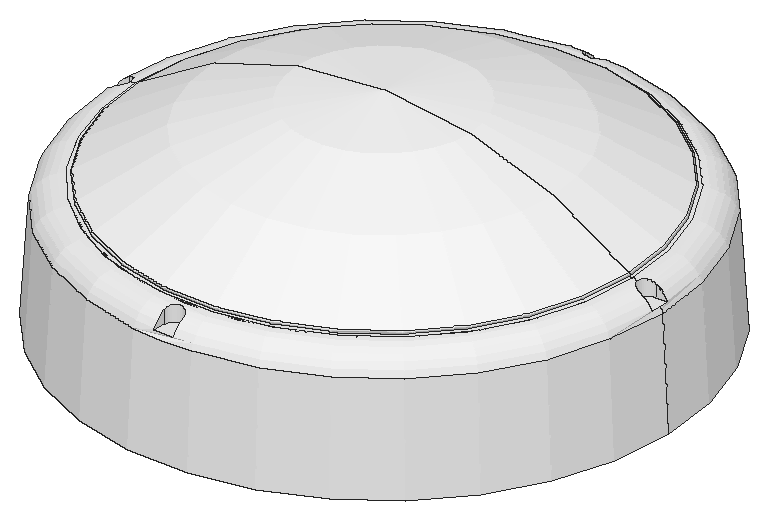
Revit family "4063837 Feilo Sylvania Lighting Fixtures STERLING BULKHEAD LED 4K SIL G2", category Lighting Fixtures, host Face, Revit 2017
Family settings
  Host = Face
  Round Connector Dimension = Use Diameter
  Part Type = Normal
  OmniClass Number = 23.80.70.00
  OmniClass Title = Lighting
  Cut with Voids When Loaded = No
  Light Source = Yes
  Shared = No
  Room Calculation Point = No
Parameters (values of type "4063837 STERLING BULKHEAD LED 4K SIL G2 High Efficiency ")
  Weight = "3.4 kg"
  Wattage Comments = "n/a"
  Wattage = 9 W
  WarrantyStartDate [instance] = "n/a"
  WarrantyGuarantorParts = "n/a"
  WarrantyDurationUnit = "n/a"
  WarrantyDurationParts = "n/a"
  WarrantyDescription = "n/a"
  built-in parameter 1150110 = 1 (stored number, unit not read)
  Voltage = 230 V
  URL = "http://www.sylvania-lighting.com"
  TypeName = "STERLING BULKHEAD LED 4K SIL G2"
  Type Image = <None>
  Type Comments = "n/a"
  built-in parameter 1114217 = 1 (stored number, unit not read)
  Tilt Angle = -90.00°
  built-in parameter 1150109 = 1 (stored number, unit not read)
  built-in parameter 1150134 = 12
  built-in parameter 1150113 = 1 (stored number, unit not read)
  SerialNumber [instance] = "n/a"
  ReflectorMaterial = none
  PowerFactor = 0.98
  PowerConsumption = "9 W"
  Photometric Web File = "4063837-HE.ies"
  NominalLength = 350 mm
  NominalHeight = 350 mm
  NominalDepth = 128 mm
  Name = "STERLING BULKHEAD LED 4K SIL G2"
  ModelReference = Name  # "STERLING BULKHEAD LED 4K SIL G2"
  ModelNumber = "4063837"
  Model = Name  # "STERLING BULKHEAD LED 4K SIL G2"
  Material = "polycarbonate diffuser"
  ManufacturerName = "Feilo Sylvania"
  Manufacturer = "Feilo Sylvania"
  LuminousEfficacy = "87 lm/W"
  built-in parameter 1150105 = 62.309 (stored number, unit not read)
  Lumens = 783 lm
  LuminaireType = ""
  built-in parameter 1150115 = 1 (stored number, unit not read)
  LightOutputRatio = "100"
  built-in parameter 1150137 = (empty or 0)
  built-in parameter 1150139 = (empty or 0)
  LampsType = Lamp  # "LED"
  LampNominalLuminous = "759 lm"
  LampMacAdamStep = "n/a"
  LampColourTemperature = "4000 K"
  LampColourRenderingIndex = "80"
  built-in parameter 1150112 = 1 (stored number, unit not read)
  built-in parameter 1150114 = 1 (stored number, unit not read)
  Lamp = "LED"
  Keynote = "16500"
  InstallationDate [instance] = "n/a"
  InputVoltage = "230-240V~"
  InputNominalFrequency = "50/60 Hz"
  built-in parameter 1150132 = (empty or 0)
  built-in parameter 1150102 = (empty or 0)
  built-in parameter 1150107 = 4000 (stored number, unit not read)
  built-in parameter 1150138 = (empty or 0)
  IngressProtection = "IP65"
  ImpactProtectionIndex = "IK10"
  built-in parameter 1150106 = 0.62309 (stored number, unit not read)
  IfcExportType = "IfcLightFixtureType"
  IfcExportAs = "IfcLightFixtureType"
  ExpectedLife = 50000
  Emit from Circle Diameter = 280 mm
  Emit Shape Visible in Rendering = no
  ElectricShockClassification = "Class I"
  built-in parameter 1150104 = 8.0826 (stored number, unit not read)
  DurationUnit = "hours"
  DocumentationLiterature = "http://www.sylvania-lighting.com/product/en-int/products/4063837"
  DimmingControlOptions = "n/a"
  Dimming Lamp Color Temperature Shift = <None>
  DiffuserMaterial = Diffuser-Sylvania-SterlingBulkhead-Opal
  Description = "Led exterior bulkhead, Unique feature allowing a choice between High Output or High Efficiency with the flick of a switch, die-cast aluminium body, 759/1477LM, 9/17W, 84/87LM/W, 4000K, Driver Current: 350/750mA, CRI80, Non dimmable, IP65, IK10, 50,000hrs (L70), (HxWxD) 350 x 350 x 128mm,  3.4kg, 3 step MacAdam ellipse,  RAL 9006, Class 1, 230V,  energy class: A++, A+, A"
  Default Elevation = 1219.2 mm
  CreatedOn = "22/11/2017"
  CreatedBy = ""
  Cost = 0
  Color Filter = 16777215
  built-in parameter 1114216 [instance] = (empty or 0)
  ClassificationValue = "EF_70_80"
  ClassificationName = "Uniclass2015"
  BodyMaterial = Body-Sylvania-SterlingBulkhead-Silver
  BarCode [instance] = "n/a"
  built-in parameter 1114218 = 1 (stored number, unit not read)
  built-in parameter 1150133 = 10 (stored number, unit not read)
  AssetType = "Fixed"
  AssetIdentifier [instance] = "n/a"
  Assembly Code = "D5020200"
  Apparent Load = 9 VA
  AccessoryMaterial = none
Types (2, lengths in mm): name | Wattage | PowerConsumption | Photometric Web File | built-in parameter 1150105 | Lumens | LampNominalLuminous | built-in parameter 1150106 | Apparent Load
  4063837 STERLING BULKHEAD LED 4K SIL G2 High Efficiency | 9 W | "9 W" | "4063837-HE.ies" | 62.309 (stored number, unit not read) | 783 lm | "759 lm" | 0.62309 (stored number, unit not read) | 9 VA
  4063837 STERLING BULKHEAD LED 4K SIL G2 High Output | 17 W | "17 W" | "4063837-HO.ies" | 117.7 (stored number, unit not read) | 1479 lm | "1477 lm" | 1.177 (stored number, unit not read) | 17 VA
Reference planes
  plane 1 "Center (Front/Back)": y = 0
  plane 2: z = 0
  plane 3 "Center (Left/Right)": x = 0
  plane 4: x = 175
  plane 5: x = -175
  plane 6: y = 175
  plane 7: y = -175
  plane 8: z = 128
  plane 9: z = 65
  plane 10: x = -153
  plane 11: x = 153
  plane 12: x = -171
  plane 13: x = 171
  plane 14: z = 78
  plane 15: x = -156
  plane 16: x = 156
  plane 17: y = -6
  plane 18: y = 6
  plane 19: z = 68
  plane 20: x = 6
  plane 21: x = -6
Forms (mm)
  Revolve 1, solid, material "Body-Sylvania-SterlingBulkhead-Silver" <- "BodyMaterial"
    sketch origin (0, 0, 0) x (1, 0, 0) y (0, 0, 1)
      loop
        line (0, 0) -> (0, 78) -> (-153, 78)
        arc (-153, 78) -> (-164.102, 74.41) -> (-171, 65) r 18.962
        line (-171, 65) -> (-175, 0) -> (0, 0)
      axis (0, 78) -> (0, 0)
    angle from 360 to 0
  Revolve 2, solid, material "Diffuser-Sylvania-SterlingBulkhead-Opal" <- "DiffuserMaterial"
    sketch origin (0, 0, 0) x (1, 0, 0) y (0, 0, 1)
      loop
        arc (0, 128) -> (-78.944, 115.68) -> (-150.381, 79.892) r 259.09
        arc (-150.381, 79.892) -> (-150.768, 78.725) -> (-149.775, 78) r 1.043
        line (-149.775, 78) -> (0, 78) -> (0, 128)
      axis (0, 128) -> (0, 78)
    angle from 360 to 0
  Extrusion 3, void
    sketch origin (1223.4, -4572, 78) x (-1, 0, 0) y (0, -1, 0)
      loop
        line (1398.4, -4578) -> (1398.4, -4566) -> (1385.424, -4566)
        arc (1385.424, -4566) -> (1379.424, -4572) -> (1385.424, -4578) r 6
        line (1385.424, -4578) -> (1398.4, -4578)
      loop
        line (1048.4, -4566) -> (1048.4, -4578) -> (1061.4, -4578)
        arc (1061.4, -4578) -> (1067.4, -4572) -> (1061.4, -4566) r 6
        line (1061.4, -4566) -> (1048.4, -4566)
      loop
        line (1229.4, -4747) -> (1229.4, -4734)
        arc (1229.4, -4734) -> (1223.4, -4728) -> (1217.4, -4734) r 6
        line (1217.4, -4734) -> (1217.4, -4747) -> (1229.4, -4747)
      loop
        line (1229.4, -4397) -> (1217.4, -4397) -> (1217.4, -4410)
        arc (1217.4, -4410) -> (1223.4, -4416) -> (1229.4, -4410) r 6
        line (1229.4, -4410) -> (1229.4, -4397)
    from 0 to -10
Cuts and joins
  Extrusion 3 cuts Revolve 1
Dimensions and locks
  equal spacing: plane 5, plane 3 "Center (Left/Right)", plane 4
  locked: plane 5 to plane 4 at 350
  equal spacing: plane 7, plane 1 "Center (Front/Back)", plane 6
  locked: plane 7 to plane 6 at 350
  locked: plane 8 to plane 2 at 128
  locked: plane 9 to plane 2 at 65
  equal spacing: plane 11, plane 3 "Center (Left/Right)", plane 10
  locked: plane 10 to plane 5 at 22
  equal spacing: plane 13, plane 3 "Center (Left/Right)", plane 12
  locked: plane 12 to plane 5 at 4
  locked: plane 14 to plane 9 at 13
  locked: plane 8 to Revolve 2 sketch curve at 259.09
  equal spacing: plane 15, plane 3 "Center (Left/Right)", plane 16
  locked: plane 15 to plane 10 at 3
  equal spacing: plane 17, plane 1 "Center (Front/Back)", plane 18
  locked: plane 17 to plane 1 "Center (Front/Back)" at 6
  locked: plane 5 to Extrusion 3 sketch curve at 18.976
  locked: Extrusion 3 sketch curve to plane 4 at 19
  plane 19 to plane 9 = 3 mm
  equal spacing: plane 21, plane 3 "Center (Left/Right)", plane 20
  locked: plane 21 to plane 3 "Center (Left/Right)" at 6
  locked: Extrusion 3 sketch curve to plane 6 at 19
  locked: plane 7 to Extrusion 3 sketch curve at 13
  aligned and locked: plane 2 to host face
  aligned and locked: level to host face
  aligned and locked: Revolve 1 sketch curve to plane 3 "Center (Left/Right)"  (x2)
  aligned and locked: level to Revolve 1 sketch curve
  aligned and locked: plane 9 to Revolve 1 sketch curve
  aligned and locked: plane 10 to Revolve 1 sketch curve  (x2)
  aligned and locked: plane 14 to Revolve 1 sketch curve
  aligned and locked: Revolve 2 sketch curve to plane 3 "Center (Left/Right)"
  aligned and locked: plane 14 to Revolve 2 sketch curve
  aligned and locked: plane 3 "Center (Left/Right)" to Revolve 2 sketch curve  (x2)
  aligned and locked: Extrusion 3 sketch curve to plane 5
  aligned and locked: plane 18 to Extrusion 3 sketch curve
  aligned and locked: plane 17 to Extrusion 3 sketch curve  (x2)
  aligned and locked: plane 1 "Center (Front/Back)" to Extrusion 3 sketch curve  (x2)
  aligned and locked: plane 4 to Extrusion 3 sketch curve
  aligned and locked: Extrusion 3 sketch curve to plane 18
  aligned and locked: Extrusion 3 to plane 14
  aligned and locked: plane 19 to Extrusion 3
  aligned and locked: plane 21 to Extrusion 3 sketch curve  (x2)
  aligned and locked: plane 6 to Extrusion 3 sketch curve
  aligned and locked: Extrusion 3 sketch curve to plane 20
  aligned and locked: plane 3 "Center (Left/Right)" to Extrusion 3 sketch curve  (x2)
  aligned and locked: plane 7 to Extrusion 3 sketch curve
  aligned and locked: plane 20 to Extrusion 3 sketch curve
  aligned and locked: plane 3 "Center (Left/Right)" to imposter light
  aligned and locked: imposter light to plane 8
  aligned and locked: imposter light to plane 1 "Center (Front/Back)"
Automatic sketch dimensions
  host sketch curve to host sketch curve = 2438.4 mm  (x2)
  Revolve 1 sketch curve to plane 5 = 0 mm
  Revolve 1 sketch curve to plane 12 = 0 mm
  Revolve 1 sketch curve to level = 609.6 mm
  Revolve 1 sketch curve to plane 8 = 2481.058 mm
  Revolve 2 sketch curve to plane 8 = 0 mm
  Revolve 2 sketch curve to Revolve 2 sketch curve = 0.605 mm
  Revolve 2 sketch curve to Revolve 2 sketch curve = 478.51 mm
  Revolve 2 sketch curve to Revolve 2 sketch curve = 2481.058 mm
  Revolve 2 sketch curve to plane 14 = 1.043 mm
Connectors
  electrical at (0, 0, 0), driven by "Apparent Load", driven by "PowerFactor", driven by "Voltage"
    settings: index 1, voltage 230 V, apparent load 9 VA, apparent load phase1 0 VA, apparent load phase2 0 VA, apparent load phase3 0 VA, power factor 0.98, load classification "Lighting", number of poles 1, system type 30, power factor state 1, is connector primary yes, connector utility no, sub classification motor no, connector description ""
